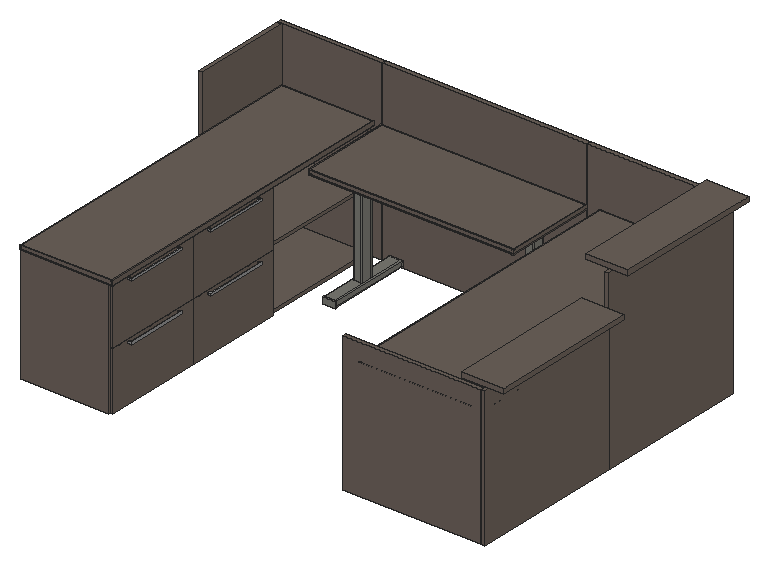
Revit family "OFS TYPICAL T200036", category Furniture, Revit 2022 (continued)
Definition of nested family "STAKS CENTER ELECTRIC ADJUSTABLE HEIGHT BASE Rectangular"
  Forms (in)
    Blend 6, solid, material <- "Column and Legs Material"
      top sketch origin (0, 0, 27.875) x (0, -1, 0) y (1, 0, 0)
        loop
          arc (4.12465, -11.45179) -> (4.05143, -11.27501) -> (3.87465, -11.20179) r 0.25
          line (3.87465, -11.20179) -> (1.37465, -11.20179)
          arc (1.37465, -11.20179) -> (1.19787, -11.27501) -> (1.12465, -11.45179) r 0.25
          line (1.12465, -11.45179) -> (1.12465, -17.25)
          arc (1.12465, -17.25) -> (1.19787, -17.42678) -> (1.37465, -17.5) r 0.25
          line (1.37465, -17.5) -> (3.87465, -17.5)
          arc (3.87465, -17.5) -> (4.05143, -17.42678) -> (4.12465, -17.25) r 0.25
          line (4.12465, -17.25) -> (4.12465, -11.45179)
      from -1 to -2
    Extrusion 7, solid, material <- "Column and Legs Material"
      sketch origin (0, 0, 27.875) x (0, -1, 0) y (1, 0, 0)
        loop
          line (3.87465, -15.625) -> (1.37465, -15.625)
          arc (1.37465, -15.625) -> (1.28626, -15.66161) -> (1.24965, -15.75) r 0.125
          line (1.24965, -15.75) -> (1.24965, -17.25)
          arc (1.24965, -17.25) -> (1.28626, -17.33839) -> (1.37465, -17.375) r 0.125
          line (1.37465, -17.375) -> (3.87465, -17.375)
          arc (3.87465, -17.375) -> (3.96304, -17.33839) -> (3.99965, -17.25) r 0.125
          line (3.99965, -17.25) -> (3.99965, -15.75)
          arc (3.99965, -15.75) -> (3.96304, -15.66161) -> (3.87465, -15.625) r 0.125
      from -2.53422 to -2
    Extrusion 8, solid, material <- "Column and Legs Material"
      sketch origin (0, -2.62465, 0) x (1, 0, 0) y (0, 0, 1)
        loop
          line (-17.63484, 27.875) -> (-19.13484, 27.875) -> (-19.13484, 27.75) -> (-17.75984, 27.75) -> (-17.75984, 26.375) -> (-17.63484, 26.375) -> (-17.63484, 27.875)
      from -1.5 to 1.5
    Extrusion 9, solid, material <- "Column and Legs Material"
      sketch origin (-15.75984, 13.13518, 0) x (0, 1, 0) y (0, 0, -1)
        loop
          line (-17.63484, -27.875) -> (-17.63484, -26.375) -> (-17.75984, -26.375) -> (-17.75984, -27.75) -> (-19.13484, -27.75) -> (-19.13484, -27.875) -> (-17.63484, -27.875)
      from -4.55805 to 1.74016
    Extrusion 10, solid, material <- "Column and Legs Material"
      sketch origin (-15.75984, -18.38449, 0) x (0, -1, 0) y (0, 0, 1)
        loop
          line (-17.63484, 27.875) -> (-19.13484, 27.875) -> (-19.13484, 27.75) -> (-17.75984, 27.75) -> (-17.75984, 26.375) -> (-17.63484, 26.375) -> (-17.63484, 27.875)
      from -4.55805 to 1.74016
    Extrusion 11, solid
      sketch origin (8.306, -1.24965, 17.75) x (0, 0, 1) y (-1, 0, 0)
        loop
          line (-15.795, 26.306) -> (-17.295, 26.306) -> (-17.295, 23.306) -> (-15.795, 23.306) -> (-15.795, 26.306)
      from 11.25 to 11.375
    Extrusion 12, solid
      sketch origin (8.306, -1.24965, 17.75) x (0, 0, 1) y (-1, 0, 0)
        loop
          line (-16.045, 26.306) -> (-17.045, 26.306)
          arc (-17.045, 26.306) -> (-17.22178, 26.23278) -> (-17.295, 26.056) r 0.25
          line (-17.295, 26.056) -> (-17.295, 23.556)
          arc (-17.295, 23.556) -> (-17.22178, 23.37922) -> (-17.045, 23.306) r 0.25
          line (-17.045, 23.306) -> (-16.045, 23.306)
          arc (-16.045, 23.306) -> (-15.86822, 23.37922) -> (-15.795, 23.556) r 0.25
          line (-15.795, 23.556) -> (-15.795, 26.056)
          arc (-15.795, 26.056) -> (-15.86822, 26.23278) -> (-16.045, 26.306) r 0.25
      from -8.5 to 11.25
  Dimensions and locks (in)
    equal spacing: plane 7, plane 2 "Center (Front/Back)", plane 8
    "Depth": plane 7 to plane 8
    "Height": plane 4 "H LEG TOP" to plane 1
    equal spacing: plane 3 "Center (Left/Right)", plane 9 "CENTER", plane 5
    "Width": plane 3 "Center (Left/Right)" to plane 5
    plane 10 to plane 11 to plane 1 = 0' - 1 1/2" locked, 0' - 0.455" locked
    locked: plane 13 to plane 5 at 0.5
    locked: plane 3 "Center (Left/Right)" to plane 12 at 0.5
    locked: plane 14 to plane 8 at 1.25
    locked: plane 15 to plane 7 at 1.25
    plane 23 to plane 21 to plane 17 to plane 2 "Center (Front/Back)" to plane 16 to plane 22 to plane 24 = 0' - 1 1/2" locked, 0' - 0 3/8" locked, 0' - 1 1/2" locked, 0' - 1 1/2" locked, 0' - 0 3/8" locked, 0' - 1 1/2" locked
    locked: plane 18 to plane 10 at 23.38578
    locked: plane 4 "H LEG TOP" to plane 20 at 1
    locked: plane 20 to plane 19 at 1
    plane 26 to plane 25 to plane 12 = 0' - 1 1/2" locked, 0' - 0.13484" locked
    locked: plane 7 to plane 27 at 0.125
    locked: plane 8 to plane 28 at 0.125
    aligned and locked: level to plane 1
    aligned and locked: plane 5 to Extrusion 1
    aligned and locked: Extrusion 1 to plane 3 "Center (Left/Right)"
    aligned and locked: Extrusion 1 to plane 11
    aligned and locked: plane 10 to Extrusion 1
    aligned and locked: Extrusion 4 sketch curve to plane 16
    aligned and locked: Extrusion 4 sketch curve to plane 12
    aligned and locked: Extrusion 4 sketch curve to plane 17
    aligned and locked: plane 13 to Extrusion 4 sketch curve
    aligned and locked: Extrusion 4 to plane 10
    aligned and locked: plane 18 to Extrusion 4
    aligned and locked: plane 14 to Revolve 2
    aligned and locked: plane 15 to Revolve 3
    aligned and locked: Extrusion 5 to plane 22
    aligned and locked: Extrusion 5 to plane 21
    aligned and locked: Extrusion 5 to plane 20
    aligned and locked: Extrusion 5 to plane 4 "H LEG TOP"
    aligned and locked: plane 17 to Blend 6 sketch curve
    aligned and locked: plane 16 to Blend 6 sketch curve
    aligned and locked: plane 20 to Blend 6
    aligned and locked: Blend 6 to plane 19
    aligned and locked: Extrusion 7 to plane 18
    aligned and locked: plane 19 to Extrusion 7
    aligned and locked: Extrusion 8 sketch curve to plane 4 "H LEG TOP"
    aligned and locked: Extrusion 8 sketch curve to plane 25
    aligned and locked: Extrusion 8 sketch curve to plane 26
    aligned and locked: Extrusion 8 sketch curve to Extrusion 8 sketch curve
    aligned and locked: Extrusion 8 to plane 16
    aligned and locked: Extrusion 8 to plane 17
    aligned and locked: Extrusion 9 sketch curve to Extrusion 9 sketch curve
    aligned and locked: Extrusion 9 to plane 12
    aligned and locked: Extrusion 10 sketch curve to Extrusion 10 sketch curve
    aligned and locked: plane 10 to Extrusion 12
    aligned and locked: plane 10 to Extrusion 11
    aligned and locked: plane 5 to Extrusion 12
    aligned and locked: plane 5 to Extrusion 11
    aligned and locked: Extrusion 12 to plane 11
    aligned and locked: Extrusion 11 to plane 11
    aligned and locked: Extrusion 12 to plane 3 "Center (Left/Right)"
    aligned and locked: Extrusion 11 to plane 3 "Center (Left/Right)"
    aligned and locked: plane 7 to Extrusion 11
    aligned and locked: Extrusion 11 to plane 27
    aligned and locked: plane 27 to Extrusion 12
    aligned and locked: Extrusion 1 to plane 28
    aligned and locked: Extrusion 1 to plane 8
    aligned and locked: plane 28 to Extrusion 12
  Automatic sketch dimensions
    Extrusion 1 sketch curve to plane 3 "Center (Left/Right)" = 0' - 0"
    Extrusion 1 sketch curve to plane 11 = 0' - 0"
    Extrusion 1 sketch curve to plane 5 = 0' - 0"
    Extrusion 1 sketch curve to plane 10 = 0' - 0"
    Revolve 2 sketch curve to level = 0' - 0"
    Revolve 2 sketch curve to plane 9 "CENTER" = 0' - 0"  (x2)
    Revolve 2 sketch curve to plane 11 = 0' - 0"
    level to Revolve 2 sketch curve = 0' - 0.19198"
    Revolve 2 sketch curve to Revolve 2 sketch curve = 0' - 0 9/32"
    plane 12 to Revolve 2 sketch curve = 0' - 0 5/16"
    Revolve 2 sketch curve to Revolve 2 sketch curve = 0' - 0 3/32"
    Revolve 2 sketch curve to Revolve 2 sketch curve = 0' - 0.19198"
    Revolve 2 sketch curve to Revolve 2 sketch curve = 0' - 0.09555"
    Revolve 3 sketch curve to level = 0' - 0"
    Revolve 3 sketch curve to plane 9 "CENTER" = 0' - 0"  (x2)
    Revolve 3 sketch curve to plane 11 = 0' - 0"
    Revolve 3 sketch curve to plane 11 = 0' - 0 3/32"
    Revolve 3 sketch curve to Revolve 3 sketch curve = 0' - 0 9/32"
    plane 12 to Revolve 3 sketch curve = 0' - 0 5/16"
    Revolve 3 sketch curve to Revolve 3 sketch curve = 0' - 0.19198"
    Revolve 3 sketch curve to plane 11 = 0' - 0.16748"
    Revolve 3 sketch curve to Revolve 3 sketch curve = 0' - 0.09555"
    plane 16 to Extrusion 4 sketch curve = 0' - 0 1/4"  (x2)
    plane 12 to Extrusion 4 sketch curve = 0' - 0 1/4"
    plane 17 to Extrusion 4 sketch curve = 0' - 0 1/4"
    plane 22 to Extrusion 5 sketch curve = 0' - 0"
    Extrusion 5 sketch curve to plane 25 = 0' - 0"
    Extrusion 5 sketch curve to plane 21 = 0' - 0"
    plane 12 to Extrusion 5 sketch curve = 0' - 0.11516"
    Extrusion 5 sketch curve to plane 16 = 0' - 0 1/8"  (x2)
    Extrusion 5 sketch curve to plane 17 = 0' - 0 1/8"
    plane 6 to Extrusion 5 sketch curve = 0' - 2.54821"
    plane 22 to Blend 6 sketch curve = 0' - 0"
    Blend 6 sketch curve to plane 25 = 0' - 0"
    Blend 6 sketch curve to plane 21 = 0' - 0"
    plane 12 to Blend 6 sketch curve = 0' - 0.11516"
    Blend 6 sketch curve to plane 16 = 0' - 0 1/8"  (x2)
    Blend 6 sketch curve to plane 17 = 0' - 0 1/8"
    plane 6 to Blend 6 sketch curve = 0' - 2.54821"
    Blend 6 sketch curve to plane 12 = 0' - 0"
    plane 16 to Blend 6 sketch curve = 0' - 0 1/4"  (x2)
    plane 12 to Blend 6 sketch curve = 0' - 0 1/4"
    plane 17 to Blend 6 sketch curve = 0' - 0 1/4"
    plane 6 to Blend 6 sketch curve = 0' - 2.04821"
    plane 16 to Extrusion 7 sketch curve = 0' - 0 1/8"
    plane 12 to Extrusion 7 sketch curve = 0' - 0 1/8"
    Extrusion 7 sketch curve to Extrusion 7 sketch curve = 0' - 0 1/8"  (x2)
    Extrusion 7 sketch curve to plane 13 = 0' - 0 1/8"
    plane 17 to Extrusion 7 sketch curve = 0' - 0 1/4"  (x2)
    plane 17 to Extrusion 7 sketch curve = 0' - 0 1/8"
    Extrusion 8 sketch curve to plane 25 = 0' - 0 1/8"
    plane 19 to Extrusion 8 sketch curve = 0' - 0 1/2"
    plane 4 "H LEG TOP" to Extrusion 8 sketch curve = 0' - 0 1/8"
    plane 4 "H LEG TOP" to Extrusion 9 sketch curve = 0' - 0"
    Extrusion 9 sketch curve to plane 23 = 0' - 0"
    Extrusion 9 sketch curve to plane 21 = 0' - 0"
    plane 4 "H LEG TOP" to Extrusion 9 sketch curve = 0' - 0 1/8"
    Extrusion 9 sketch curve to plane 21 = 0' - 0 1/8"
    plane 19 to Extrusion 9 sketch curve = 0' - 0 1/2"
    plane 4 "H LEG TOP" to Extrusion 10 sketch curve = 0' - 0"
    Extrusion 10 sketch curve to plane 24 = 0' - 0"
    Extrusion 10 sketch curve to plane 22 = 0' - 0"
    plane 19 to Extrusion 10 sketch curve = 0' - 0 1/2"
    Extrusion 10 sketch curve to plane 22 = 0' - 0 1/8"
    plane 4 "H LEG TOP" to Extrusion 10 sketch curve = 0' - 0 1/8"
    Extrusion 11 sketch curve to plane 3 "Center (Left/Right)" = 0' - 0"
    Extrusion 11 sketch curve to plane 11 = 0' - 0"
    Extrusion 11 sketch curve to plane 5 = 0' - 0"
    Extrusion 11 sketch curve to plane 10 = 0' - 0"
    Extrusion 12 sketch curve to plane 11 = 0' - 0"
    Extrusion 12 sketch curve to plane 3 "Center (Left/Right)" = 0' - 0"
    Extrusion 12 sketch curve to plane 5 = 0' - 0"
    Extrusion 12 sketch curve to plane 10 = 0' - 0"
    Extrusion 12 sketch curve to plane 5 = 0' - 0 1/4"
    plane 11 to Extrusion 12 sketch curve = 0' - 0 1/4"
    Extrusion 12 sketch curve to plane 10 = 0' - 0 1/4"  (x2)
